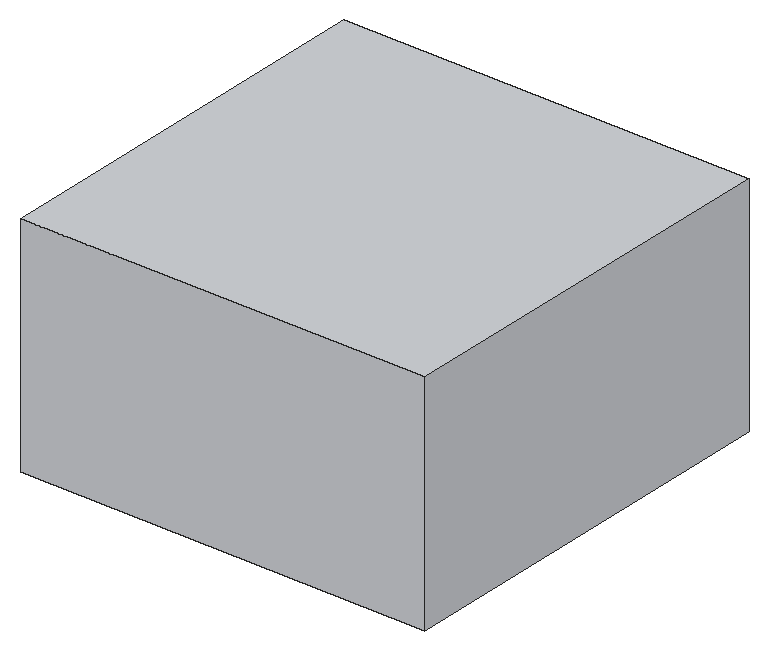
Revit family "M_Caixa de junção do conduíte - T - PVC", category Conexões do conduite, Revit 2019
Family settings
  Cota do conector redondo = Usar raio
  Tipo de parte = Tê
  Número OmniClass = 23.80.30.17.11
  Título OmniClass = Conduits
  ID de item do Seek = Conduit Junction Box - Tee - PVC-0000-CAN-ENU
  Com base no plano de trabalho = Não
  Sempre na vertical = Sim
  Corte com vazios quando carregada = Não
  Compartilhado = Não
Parameters (values of type "Padrão")
  Largura [instance] = Comprimento  # 114 mm
  Raio nominal 3 [instance] = 8 mm
  Raio nominal 2 [instance] = 8 mm
  Raio nominal 1 [instance] = 8 mm
  Diâmetro nominal 3 [instance] = Raio nominal 3 * 2  # 16 mm
  Diâmetro nominal 2 [instance] = Raio nominal 2 * 2  # 16 mm
  Diâmetro nominal 1 [instance] = Raio nominal 1 * 2  # 16 mm
  Diâmetro nominal máximo 13 [instance] = if(Diâmetro nominal 1 > Diâmetro nominal 3, Diâmetro nominal 1, Diâmetro nominal 3)  # 16 mm
  Diâmetro nominal máximo 123 [instance] = if(Diâmetro nominal máximo 12 > Diâmetro nominal máximo 13, Diâmetro nominal máximo 12, Diâmetro nominal máximo 13)  # 16 mm
  Diâmetro nominal máximo 12 [instance] = if(Diâmetro nominal 1 > Diâmetro nominal 2, Diâmetro nominal 1, Diâmetro nominal 2)  # 16 mm
  Altura [instance] = if(not(Diâmetro nominal máximo 123 > 27 mm), 64 mm, if(Diâmetro nominal máximo 123 < 155 mm, 152 mm, Diâmetro nominal máximo 123 * 1.2))  # 64 mm
  Comprimento [instance] = if(not(Diâmetro nominal máximo 123 > 27 mm), 114 mm, 6 * Diâmetro nominal máximo 123)  # 114 mm
Reference planes
  plane 1 "Centro (Frente/Trás)": y = 0
  plane 2: z = 0
  plane 3 "Centro (Esquerda/Direita)": x = 0
  plane 4: x = -57
  plane 5: x = 57
  plane 6: y = 57
  plane 7: y = -57
  plane 8: z = 32
  plane 9: z = -32
Forms (mm)
  Extrusion 1, solid
    sketch origin (0, 0, 0) x (1, 0, 0) y (0, 1, 0)
      loop
        line (-57, 57) -> (-57, -57) -> (57, -57) -> (57, 57) -> (-57, 57)
    from -32 to 32
Dimensions and locks
  equal spacing: plane 4, plane 3 "Centro (Esquerda/Direita)", plane 5
  "Comprimento": plane 4 to plane 5
  equal spacing: plane 6, plane 1 "Centro (Frente/Trás)", plane 7
  "Largura": plane 6 to plane 7
  equal spacing: plane 8, plane 2, plane 9
  "Altura": plane 8 to plane 9
  aligned and locked: Extrusion 1 sketch curve to plane 6
  aligned and locked: plane 4 to Extrusion 1 sketch curve
  aligned and locked: plane 7 to Extrusion 1 sketch curve
  aligned and locked: Extrusion 1 sketch curve to plane 5
  aligned and locked: Extrusion 1 to plane 9
  aligned and locked: plane 8 to Extrusion 1
Connectors
  cabletrayconduit at (-57, 0, 0), diameter 16, driven by "Raio nominal 1"
    settings: on Extrusion 1, index 1, connector width 304.8 mm, connector height 304.8 mm, connector angle 0.00°, system type 32, placement type 0, profile type 0, connector reference index 2, is primary connector yes, connector utility param no, connector description ""
  cabletrayconduit at (57, 0, 0), diameter 16, driven by "Raio nominal 2"
    settings: on Extrusion 1, index 2, connector width 304.8 mm, connector height 304.8 mm, connector angle 0.00°, system type 32, placement type 0, profile type 0, connector reference index 1, is primary connector no, connector utility param no, connector description ""
  cabletrayconduit at (0, -57, 0), diameter 16, driven by "Raio nominal 3"
    settings: on Extrusion 1, index 3, connector width 304.8 mm, connector height 304.8 mm, connector angle 0.00°, system type 32, placement type 0, profile type 0, connector reference index -1, is primary connector no, connector utility param no, connector description ""
